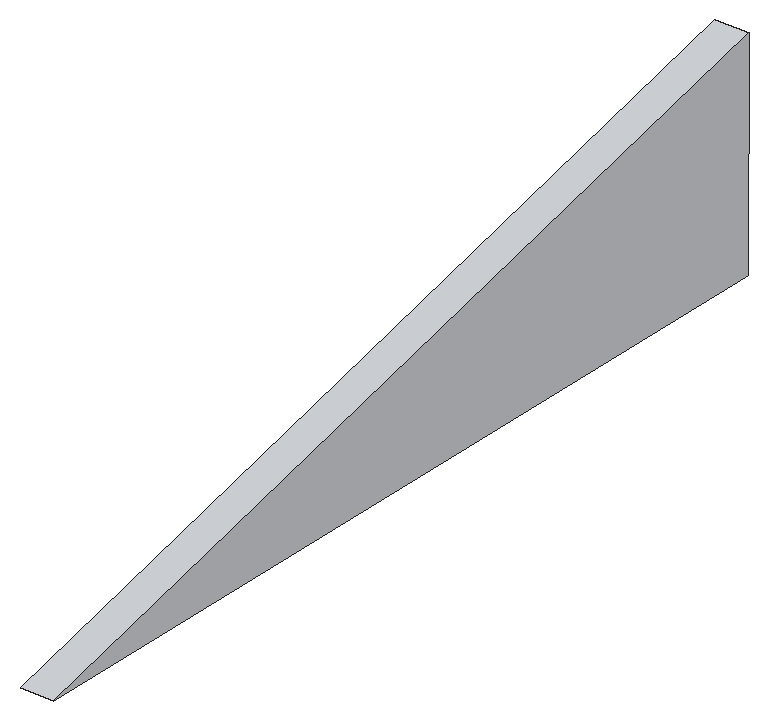
Revit family "Eave Dog House", category Generic Models, Revit 2013
Parameters
  Rise Factor [instance] = 0' - 3"
  Height [instance] = Dog House Length * (Rise Factor / 1' 0")  # 0' - 8"
  Fascia Material = none
  Dog House Thickness [instance] = 0' - 1 1/4"
  Dog House Length [instance] = 2' - 8"
Reference planes (in)
  plane 1 "Center (Front/Back)": y = 0
  plane 2: z = 0
  plane 3 "Center (Left/Right)": x = 0
  plane 4 "Back": y = 32
  plane 5 "Height": z = 8
  plane 6: x = 1.25
Forms (in)
  Extrusion 1, solid, material <- "Fascia Material"
    sketch origin (0, 0, 0) x (0, 1, 0) y (0, 0, 1)
      loop
        line (0, 0) -> (32, 0) -> (32, 8) -> (0, 0)
    from 0 to 1.25
Lines and regions (in)
  reference lines
    curve 1: line (0, 0, 0) -> (0, 32, 8)
Dimensions and locks (in)
  "Dog House Length": plane 1 "Center (Front/Back)" to plane 4 "Back"
  "Dog House Thickness": plane 3 "Center (Left/Right)" to plane 6
  "Height": plane 5 "Height" to level
  aligned and locked: plane 2 to level
  aligned and locked: plane 4 "Back" to curve 1
  aligned and locked: plane 5 "Height" to curve 1
  aligned and locked: plane 1 "Center (Front/Back)" to curve 1
  aligned and locked: level to curve 1
  aligned and locked: level to Extrusion 1 sketch curve
  aligned and locked: Extrusion 1 sketch curve to plane 4 "Back"
  aligned and locked: plane 1 "Center (Front/Back)" to Extrusion 1 sketch curve
  aligned and locked: Extrusion 1 sketch curve to curve 1
  aligned and locked: plane 6 to Extrusion 1
